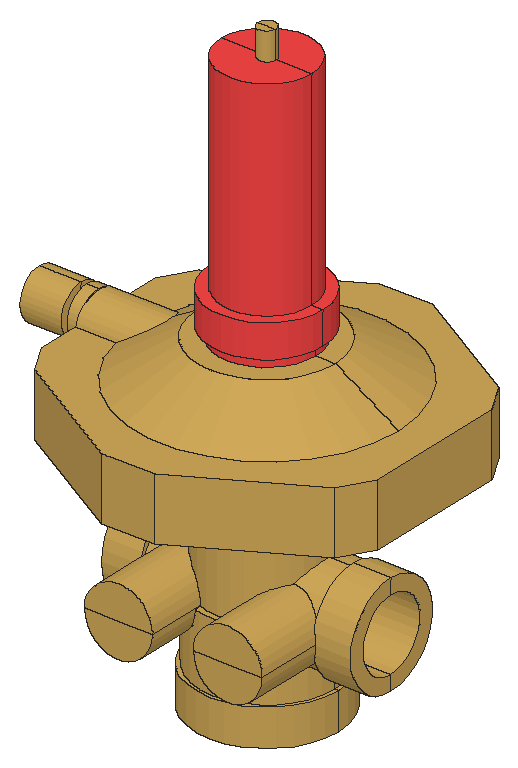
Revit family "Differenzdruckregler 4202 45-80kPa", category Rohrzubehör, Revit 2020
Family settings
  Bemaßung runder Anschluss = Durchmesser verwenden
  Teiletyp = Unterbricht
  OmniClass-Nummer = 23.65.55.14
  OmniClass-Titel = Valves for Liquid Services
  Arbeitsebenenbasiert = Nein
  Immer vertikal = Ja
  Beim Laden mit Abzugskörper schneiden = Nein
  Gemeinsam genutzt = Nein
Parameters (values of type "Ohne Dämmung")
  y2 [instance] = K14 + K9 + H01  # 49.149 mm
  y1 [instance] = (R03 * 2) + R05  # 66.000 mm
  Vorgabe-Ansicht = 0.000 mm
  PN = 25  # constant formula
  Min. Betriebstemperatur (Frostschutz) = -20 °C  # constant formula
  Max. zulässige Betriebstemperatur bis DN32 = 130 °C  # constant formula
  Max. zulässige Betriebstemperatur DN40 - DN50 = 110 °C  # constant formula
  Max. Differenzdruck am Gehäuse = 400000.0 Pa  # constant formula
  Max. Betriebsdruck = 25.0 Pa  # constant formula
  Ventilschaft = "Edelstahl 14301"  # constant formula
  URL = "www.herz-armaturen.at"
  SCRNSEQ = "ARM;ARM_TYP=\"DIFR\";2"
  SCRNCODE = "05;03;4"  # constant formula
  S06 [instance] = 1.000 mm  # constant formula
  S05 [instance] = S01 - 1.000 mm  # 16.250 mm
  S04 [instance] = S02 - 1.000 mm  # 18.000 mm
  S03 [instance] = size_lookup("4202 45-80kPa", "S03", 26.500 mm, Nennweite)  # 25.600 mm
  S02 [instance] = size_lookup("4202 45-80kPa", "S02", 19.000 mm, Nennweite)  # 19.000 mm
  S01 [instance] = size_lookup("4202 45-80kPa", "S01", 17.250 mm, Nennweite)  # 17.250 mm
  Regleranschlussmutter = "Messing CW614N"  # constant formula
  Regelbereich = "45 - 80kPa"  # constant formula
  R06 [instance] = size_lookup("4202 45-80kPa", "R06", 14.500 mm, Nennweite)  # 14.500 mm
  R05 [instance] = size_lookup("4202 45-80kPa", "R05", 46.000 mm, Nennweite)  # 46.000 mm
  R04 [instance] = size_lookup("4202 45-80kPa", "R04", 12.500 mm, Nennweite)  # 12.500 mm
  R03 [instance] = size_lookup("4202 45-80kPa", "R03", 10.000 mm, Nennweite)  # 10.000 mm
  R02 = 14.500 mm  # constant formula
  R01 [instance] = size_lookup("4202 45-80kPa", "R01", 12.500 mm, Nennweite)  # 12.500 mm
  Min. Betriebstemperatur (reines Wasser) = 2 °C  # constant formula
  O-Ringe = "EPDM"  # constant formula
  Nennweite [instance] = 15.000 mm
  Membrangehäuse = "Messing CW602N"  # constant formula
  Membrane = "EPDM"  # constant formula
  Medium = "Wasserbeschaffenheit nach ÖNORM H 5195 und VDI 2035\r\nDie Verwendung von Ethylen- und Propylenglykol ist im\r\nMischungsverhältnis 25 - 50 Vol.-% zulässig."
  L2 [instance] = size_lookup("4202 45-80kPa", "L2", 161.000 mm, Nennweite)  # 161.000 mm
  L [instance] = size_lookup("4202 45-80kPa", "L", 66.000 mm, Nennweite)  # 66.000 mm
  K9 = 4.000 mm  # constant formula
  K8 = 55.000 mm  # constant formula
  K7 = 8.700 mm  # constant formula
  K6 = 11.700 mm  # constant formula
  K5 = 13.000 mm  # constant formula
  K4 = 12.000 mm  # constant formula
  K3 = 15.000 mm  # constant formula
  K2 = 2.350 mm  # constant formula
  K18 = 89.000 mm  # constant formula
  K17 = 66.700 mm  # constant formula
  K16 = 3.000 mm  # constant formula
  K15 = 26.649 mm  # constant formula
  K14 = 16.649 mm  # constant formula
  K13 = 16.649 mm  # constant formula
  K12 = 10.000 mm  # constant formula
  K11 = 35.000 mm  # constant formula
  K10 = 18.250 mm  # constant formula
  K1.1 = 2.350 mm  # constant formula
  K1 = 7.651 mm  # constant formula
  J9 = 15.700 mm  # constant formula
  J8 = 7.850 mm  # constant formula
  J7 = 15.897 mm  # constant formula
  J6 = 3.900 mm  # constant formula
  J5 = 6.500 mm  # constant formula
  J4 = 1.500 mm  # constant formula
  J3 = 3.200 mm  # constant formula
  J2 = 11.000 mm  # constant formula
  J11 = 3.500 mm  # constant formula
  J10 = 18.897 mm  # constant formula
  J1 = 6.500 mm  # constant formula
  Hersteller = "HERZ-Armaturen Ges.m.b.H"  # constant formula
  H2 [instance] = size_lookup("4202 45-80kPa", "H2", 28.000 mm, Nennweite)  # 28.000 mm
  H1 [instance] = K1 + K2 + K3 + K4 + K5 + K7 + K8 + K16 + 16.650 mm  # 133.351 mm
  H04 = 4.000 mm  # constant formula
  H03 = 9.800 mm  # constant formula
  H02 [instance] = size_lookup("4202 45-80kPa", "H02", 53.000 mm, Nennweite)  # 53.000 mm
  H01 [instance] = size_lookup("4202 45-80kPa", "H01", 25.000 mm, Nennweite)  # 28.500 mm
  Gehäuse = "DZR Messing CC770S"  # constant formula
  G03 [instance] = size_lookup("4202 45-80kPa", "G03", 13.200 mm, Nennweite)  # 13.200 mm
  G02 [instance] = size_lookup("4202 45-80kPa", "G02", 9.500 mm, Nennweite)  # 9.500 mm
  G01 [instance] = size_lookup("4202 45-80kPa", "G01", 13.500 mm, Nennweite)  # 13.500 mm
  Einstellspindel = "Messing CW614N"  # constant formula
  Hinweise zum Material = "Gemäß Art 33 der REACH-Verordnung (EG Nr. 1907/2006) sind wir verpflichtet, darauf hinzuweisen,\r\ndass der Stoff Blei auf der SVHC-Liste geführt wird und dass alle aus Messing bestehenden Bauteile,\r\ndie in unseren Erzeugnissen verarbeitet sind, mehr als 0,1 % (w/w) Blei (CAS: 7439-92-1 / EINECS:\r\n231-100-4) enthalten. Da Blei als Legierungsbestandteil fest gebunden ist, sind keine Expositionen zu\r\nerwarten und daher sind keine zusätzlichen Angaben zur sicheren Verwendung notwendig.\r\n\r\nIm Hanf enthaltenes Ammoniak schädigt\r\nMessingventilgehäuse, EPDM Dichtungen werden durch\r\nMineralöle bzw. mineralölhaltige Schmierstoffe aufgequollen\r\nund führen somit zum Ausfall der EPDM-Dichtungen. Für\r\nFrost- und Korrosionsschutzmittel auf der Basis von Ethylen- und Propylenglykol sind die entsprechenden\r\nAngaben den Unterlagen des Herstellers zu entnehmen."
  Dämmung = no
  Dämmschale = "EPP (expandiertes Polypropylen)"  # constant formula
  Druckfeder = "Federstahl 14310 NS"  # constant formula
  DN50 [instance] = Nennweite = 50.000 mm  # no
  DN40 [instance] = Nennweite = 40.000 mm  # no
  DN32-40 [instance] = or(Nennweite = 32.000 mm, Nennweite = 40.000 mm)  # no
  DN32 [instance] = Nennweite = 32.000 mm  # no
  DN25,32,40 [instance] = or(Nennweite = 25.000 mm, Nennweite = 32.000 mm, Nennweite = 40.000 mm)  # no
  DN25 [instance] = Nennweite = 25.000 mm  # no
  DN20 [instance] = Nennweite = 20.000 mm  # no
  DN15-25 [instance] = or(Nennweite = 15.000 mm, Nennweite = 20.000 mm, Nennweite = 25.000 mm)  # yes
  DN15,20,50 [instance] = or(Nennweite = 15.000 mm, Nennweite = 20.000 mm, Nennweite = 50.000 mm)  # yes
  DN15 [instance] = Nennweite = 15.000 mm  # yes
  D07 [instance] = if(Nennweite = 15.000 mm, 32.500 mm, if(Nennweite = 20.000 mm, 33.500 mm, if(Nennweite = 25.000 mm, 33.500 mm, if(Nennweite = 32.000 mm, 49.500 mm, if(Nennweite = 40.000 mm, 59.500 mm, if(Nennweite = 50.000 mm, 59.500 mm, 0.000 mm))))))  # 32.500 mm
  D06 [instance] = if(Nennweite = 15.000 mm, 32.500 mm, if(Nennweite = 20.000 mm, 33.500 mm, if(Nennweite = 25.000 mm, 33.500 mm, if(Nennweite = 32.000 mm, 49.500 mm, if(Nennweite = 40.000 mm, 59.500 mm, if(Nennweite = 50.000 mm, 59.500 mm, 0.000 mm))))))  # 32.500 mm
  D05 [instance] = if(Nennweite = 15.000 mm, 36.750 mm, if(Nennweite = 20.000 mm, 40.700 mm, if(Nennweite = 25.000 mm, 49.200 mm, if(Nennweite = 32.000 mm, 54.150 mm, if(Nennweite = 40.000 mm, 60.750 mm, if(Nennweite = 50.000 mm, 72.700 mm, 0.000 mm))))))  # 36.750 mm
  D04 [instance] = if(Nennweite = 15.000 mm, 78.500 mm, if(Nennweite = 20.000 mm, 82.000 mm, if(Nennweite = 25.000 mm, 84.000 mm, if(Nennweite = 32.000 mm, 120.000 mm, if(Nennweite = 40.000 mm, 130.000 mm, if(Nennweite = 50.000 mm, 130.500 mm, 0.000 mm))))))  # 78.500 mm
  D03 [instance] = if(Nennweite = 15.000 mm, 96.000 mm, if(Nennweite = 20.000 mm, 110.000 mm, if(Nennweite = 25.000 mm, 112.000 mm, if(Nennweite = 32.000 mm, 152.000 mm, if(Nennweite = 40.000 mm, 170.000 mm, if(Nennweite = 50.000 mm, 179.000 mm, 0.000 mm))))))  # 96.000 mm
  D02 [instance] = size_lookup("4202 45-80kPa", "R05", 41.000 mm, Nennweite)  # 46.000 mm
  D01 [instance] = size_lookup("4202 45-80kPa", "G01", 13.220 mm, Nennweite)  # 13.500 mm
  Bestellnummer Dämmung [instance] = if(and(Dämmung, Nennweite = 15.000 mm), 1409611, if(and(Dämmung, Nennweite = 20.000 mm), 1409612, if(and(Dämmung, Nennweite = 25.000 mm), 1409613, if(and(Dämmung, Nennweite = 32.000 mm), 1409614, if(and(Dämmung, Nennweite = 40.000 mm), 1409615, if(and(Dämmung, Nennweite = 50.000 mm), 1409616, 0))))))  # 0
  Bestellnummer [instance] = if(Nennweite = 15.000 mm, 1420271, if(Nennweite = 20.000 mm, 1420272, if(Nennweite = 25.000 mm, 1420273, if(Nennweite = 32.000 mm, 1420274, if(Nennweite = 40.000 mm, 1420275, if(Nennweite = 50.000 mm, 1420276, 0))))))  # 1420271
  B2 [instance] = size_lookup("4202 45-80kPa", "B2", 31.000 mm, Nennweite)  # 31.000 mm
  B1 [instance] = size_lookup("4202 45-80kPa", "B1", 26.000 mm, Nennweite)  # 26.000 mm
  B04 = 100.649 mm  # constant formula
  B03 = 44.500 mm  # constant formula
  B02 = 104.688 mm  # constant formula
  B01 = 10.000 mm  # constant formula
  Anzeigehülse = "Kunststoff (Rot)"  # constant formula
  Anwendungsgebiet = "Der Differenzdruckregler ist ein Regler mit linearer Kennlinie in Geradsitzausführung und arbeitet ohne\r\nHilfsenergie. Der gewünschte Differenzdruck-Sollwert kann zwischen 5 und 30 kPa; 25 und 60 kPa bzw.\r\n45 und 80 kPa stufenlos eingestellt werden. Der eingestellte Wert ist mit Hilfe des Einstelldiagrammes\r\nablesbar. Werksseitig ist der Sollwert auf Minimum eingestellt. Der erforderliche Sollwert wird mit dem\r\nEinstellwerkzeug (1 4006 02) eingestellt. Im Lieferumfang enthalten ist die Impulsleitung (1000 mm),\r\ndiese ist im Vorlauf einzubinden."
  Anschlussnippel = "Messing CW602N"  # constant formula
Types (2, lengths in mm): name | Dämmung | Bestellnummer Dämmung
  Ohne Dämmung | no | 0
  Mit Dämmung | yes | 1409611
Reference planes
  plane 1 "Mitte (Vorne/hinten)": y = 0
  plane 2: z = 0
  plane 3 "Mitte (Links/rechts)": x = 0
Forms (mm)
  Revolve 1, solid, material "Messing, weicher Gelbton, geschweißt", detail levels fine
    sketch origin (0, 0, 0) x (1, 0, 0) y (0, 0, 1)
      loop
        line (-19.8, 0) -> (19.8, 0) -> (19.8, 9.5) -> (33, 9.5) -> (33, 13.5) -> (23, 13.5) -> (23, 12.5) -> (-23, 12.5) -> (-23, 13.5) -> (-33, 13.5) -> (-33, 9.5) -> (-19.8, 9.5) -> (-19.8, 0)
      axis (-33, 0) -> (33, 0)
    angle from 0 to 360
  Revolve 2, solid, material "Messing, weicher Gelbton, geschweißt", detail levels fine
    sketch origin (0, 0, 0) x (1, 0, 0) y (0, 0, 1)
      loop
        line (0, -28) -> (0, 0) -> (-18, 0) -> (-18, -18.2) -> (-19, -18.2) -> (-19, -28) -> (0, -28)
      axis (0, 0) -> (0, -28)
    angle from 0 to 360
  Extrusion 3, solid, material "Messing, weicher Gelbton, geschweißt", detail levels fine
    sketch origin (0, 0, 0) x (0, -1, 0) y (1, 0, 0)
      loop
        line (-46, -7.038) -> (-27.114, -39.75) -> (-18.886, -44.5) -> (18.886, -44.5) -> (27.114, -39.75) -> (46, -7.038) -> (46, 7.038) -> (27.114, 39.75) -> (18.886, 44.5) -> (-18.886, 44.5) -> (-27.114, 39.75) -> (-46, 7.038) -> (-46, -7.038)
    from 32.5 to 49.149
  Revolve 4, solid, material "Messing, weicher Gelbton, geschweißt", detail levels fine
    sketch origin (0, 0, -7.051) x (1, 0, 0) y (0, 0, 1)
      loop
        line (0, 56.2) -> (0, 66.2) -> (-18.25, 66.2) -> (-35, 56.2) -> (0, 56.2)
      axis (0, 66.2) -> (0, 56.2)
    angle from 0 to 360
  Revolve 5, solid, material "Messing, weicher Gelbton, geschweißt", visible <- "DN15-25", detail levels fine
    sketch origin (-11, 0, 0) x (1, 0, 0) y (0, 1, 0)
      loop
        line (-1.5, 26) -> (-9.2, 26) -> (-9.2, 0) -> (-1.5, 0) -> (-1.5, 26)
      axis (-1.5, 0) -> (-1.5, 26)
    angle from 0 to 360
  Revolve 6, solid, material "Messing, weicher Gelbton, geschweißt", visible <- "DN15,20,50", detail levels fine
    sketch origin (-0.988, 0, -6.853) x (-1, 0, 0) y (0, 0, 1)
      loop
        line (43.5, 55.25) -> (59.2, 55.25) -> (59.2, 61.75) -> (48.2, 61.75) -> (48.2, 59.15) -> (46.7, 59.15) -> (46.7, 61.75) -> (43.5, 61.75) -> (43.5, 55.25)
      axis (43.5, 55.25) -> (59.2, 55.25)
    angle from 0 to 360
  Extrusion 7, solid, material "Messing, weicher Gelbton, geschweißt", visible <- "DN15,20,50", detail levels fine
    sketch origin (0, 0, 0) x (0, 1, 0) y (0, 0, -1)
      loop
        line (7.85, -47.047) -> (7.85, -36) -> (-7.85, -36) -> (-7.85, -47.047)
        arc (-7.85, -47.047) -> (0, -54.897) -> (7.85, -47.047) r 7.85
    from 0 to 44.5
  Revolve 8, solid, material "Kunsstoff rot", detail levels fine
    sketch origin (0, 0, 0) x (1, 0, 0) y (0, 0, 1)
      loop
        line (-12, 125.849) -> (-12, 70.849) -> (-15, 70.849) -> (-15, 62.149) -> (-13, 62.149) -> (-13, 59.149) -> (0, 59.149) -> (0, 125.849) -> (-12, 125.849)
      axis (0, 125.849) -> (0, 59.149)
    angle from 0 to 360
  Revolve 9, solid, material "Messing, weicher Gelbton, geschweißt", visible <- "DN15-25", detail levels fine
    sketch origin (-2, 0, 0) x (1, 0, 0) y (0, 1, 0)
      loop
        line (-12.5, 0) -> (-21.5, 0) -> (-21.5, -31) -> (-12.5, -31) -> (-12.5, 0)
      axis (-12.5, 0) -> (-12.5, -31)
    angle from 0 to 360
  Revolve 10, solid, material "Messing, weicher Gelbton, geschweißt", visible <- "DN15-25", detail levels fine
    sketch origin (2, 0, 0) x (1, 0, 0) y (0, 1, 0)
      loop
        line (12.5, 0) -> (12.5, -31) -> (21.6, -31) -> (21.6, 0) -> (12.5, 0)
      axis (12.5, 0) -> (12.5, -31)
    angle from 0 to 360
  Extrusion 11, solid, material "Messing, weicher Gelbton, geschweißt", visible <- "DN32", detail levels fine
    sketch origin (-31.5, 0, 0) x (1, 0, 0) y (0, 1, 0)
      loop
        circle (63, 0) r 6.578
      loop
        circle (63, 0) r 3.28
    from -47 to 0
  Extrusion 12, solid, material "Messing, weicher Gelbton, geschweißt", visible <- "DN32", detail levels fine
    sketch origin (31.5, 0, 0) x (-1, 0, 0) y (0, -1, 0)
      loop
        circle (63, 0) r 6.578
      loop
        circle (63, 0) r 3.28
    from -47 to 0
  Revolve 13, solid, material "Messing, weicher Gelbton, geschweißt", detail levels fine
    sketch origin (0, 0, 0) x (1, 0, 0) y (0, 0, 1)
      loop
        line (-16.25, 0) -> (0, 0) -> (0, 32.5) -> (-12.25, 32.5) -> (-12.25, 28.5) -> (-17.25, 28.5) -> (-17.25, 18.7) -> (-16.25, 18.7) -> (-16.25, 0)
      axis (0, 32.5) -> (0, 0)
    angle from 0 to 360
  Extrusion 14, solid, material "Messing, weicher Gelbton, geschweißt", visible <- "DN40", detail levels fine
    sketch origin (29.382, 0, 0) x (-1, 0, 0) y (0, -1, 0)
      loop
        circle (63, 0) r 6.578
      loop
        circle (63, 0) r 3.28
    from -58 to 0
  Extrusion 15, solid, material "Messing, weicher Gelbton, geschweißt", visible <- "DN40", detail levels fine
    sketch origin (-29.455, 0, 0) x (1, 0, 0) y (0, 1, 0)
      loop
        circle (63, 0) r 6.578
      loop
        circle (63, 0) r 3.28
    from -58 to 0
  Extrusion 16, solid, material "Messing, weicher Gelbton, geschweißt", visible <- "DN50", detail levels fine
    sketch origin (28.422, 0, 0) x (-1, 0, 0) y (0, -1, 0)
      loop
        circle (63, 0) r 6.578
      loop
        circle (63, 0) r 3.28
    from -58 to 0
  Extrusion 17, solid, material "Messing, weicher Gelbton, geschweißt", visible <- "DN50", detail levels fine
    sketch origin (-28.422, 0, 0) x (1, 0, 0) y (0, 1, 0)
      loop
        circle (63, 0) r 6.578
      loop
        circle (63, 0) r 3.28
    from -58 to 0
  Revolve 18, solid, material "Messing, weicher Gelbton, geschweißt", detail levels fine
    sketch origin (0, 0, 0) x (1, 0, 0) y (0, 0, 1)
      loop
        line (-2.35, 125.349) -> (0, 125.349) -> (0, 133) -> (-2.35, 133) -> (-2.35, 125.349)
      axis (0, 133) -> (0, 125.349)
    angle from 0 to 360
  Revolve 19, solid, material "Messing, weicher Gelbton, geschweißt", visible <- "DN32-40", detail levels fine
    sketch origin (-11, 0, 0) x (1, 0, 0) y (0, 1, 0)
      loop
        line (-1.5, -26) -> (-1.5, 0) -> (-9.2, 0) -> (-9.2, -26) -> (-1.5, -26)
      axis (-1.5, 0) -> (-1.5, -26)
    angle from 0 to 360
  Revolve 20, solid, material "Messing, weicher Gelbton, geschweißt", visible <- "DN25,32,40", detail levels fine
    sketch origin (0.988, 0, 20.147) x (1, 0, 0) y (0, 0, 1)
      loop
        line (43.5, 28.25) -> (59.2, 28.25) -> (59.2, 34.75) -> (48.2, 34.75) -> (48.2, 32.15) -> (46.7, 32.15) -> (46.7, 34.75) -> (43.5, 34.75) -> (43.5, 28.25)
      axis (43.5, 28.25) -> (59.2, 28.25)
    angle from 0 to 360
  Extrusion 21, solid, material "Messing, weicher Gelbton, geschweißt", visible <- "DN25", detail levels fine
    sketch origin (0, 0, 0) x (0, 1, 0) y (0, 0, 1)
      loop
        arc (7.85, 48.047) -> (0, 55.897) -> (-7.85, 48.047) r 7.85
        line (-7.85, 48.047) -> (-7.85, 37) -> (7.85, 37) -> (7.85, 48.047)
    from 0 to 44.5
  Extrusion 22, solid, material "Messing, weicher Gelbton, geschweißt", visible <- "DN32", detail levels fine
    sketch origin (0, 0, 0) x (0, 1, 0) y (0, 0, 1)
      loop
        arc (7.85, 64.047) -> (0, 71.897) -> (-7.85, 64.047) r 7.85
        line (-7.85, 64.047) -> (-7.85, 53) -> (7.85, 53) -> (7.85, 64.047)
    from 0 to 44.5
  Extrusion 23, solid, material "Messing, weicher Gelbton, geschweißt", visible <- "DN40", detail levels fine
    sketch origin (0, 0, 0) x (0, 1, 0) y (0, 0, 1)
      loop
        arc (7.85, 74.047) -> (0, 81.897) -> (-7.85, 74.047) r 7.85
        line (-7.85, 74.047) -> (-7.85, 63) -> (7.85, 63) -> (7.85, 74.047)
    from 0 to 44.5
  Revolve 24, solid, material "Kunststoff-Anthrazit/Schwarz", visible <- "Dämmung"
    sketch origin (0, 0, 0) x (1, 0, 0) y (0, 0, 1)
      loop
        line (0, -46) -> (36.75, -46) -> (36.75, 32.5) -> (0, 32.5) -> (0, -46)
      axis (0, 32.5) -> (0, -46)
    angle from 0 to 360
  Revolve 25, solid, material "Kunststoff-Anthrazit/Schwarz", visible <- "Dämmung"
    sketch origin (0, 0, 0) x (1, 0, 0) y (0, 0, 1)
      loop
        line (48, 32.5) -> (-48, 32.5) -> (-48, 13.5) -> (-23, 13.5) -> (-23, 0) -> (0, 0) -> (23, 0) -> (23, 13.5) -> (48, 13.5) -> (48, 32.5)
      axis (-48, 0) -> (48, 0)
    angle from 0 to 360
Lines and regions (mm)
  model lines, detail levels coarse+medium
    curve 1: line (33, -13.5, 0) -> (33, 13.5, 0)
    curve 2: line (33, 13.5, 0) -> (-33, -13.5, 0)
    curve 3: line (-33, -13.5, 0) -> (-33, 13.5, 0)
    curve 4: line (-33, 13.5, 0) -> (33, -13.5, 0)
    curve 5: spline (-44.5, -40.824, 0) -> (-42.984, -38.67, 0) -> (-38.538, -36.662, 0) -> (-31.466, -34.938, 0) -> (-22.25, -33.615, 0) -> (-11.517, -32.784, 0) -> (0, -32.5, 0) -> (11.517, -32.784, 0) -> (22.25, -33.615, 0) -> (31.466, -34.938, 0) -> (38.538, -36.662, 0) -> (42.984, -38.67, 0) -> (44.5, -40.825, 0) -> (42.984, -42.979, 0) -> (38.538, -44.987, 0) -> (31.466, -46.711, 0) -> (22.25, -48.034, 0) -> (11.517, -48.865, 0) -> (0, -49.149, 0) -> (-11.517, -48.865, 0) -> (-22.25, -48.034, 0) -> (-31.466, -46.711, 0) -> (-38.538, -44.987, 0) -> (-42.984, -42.979, 0) -> (-44.5, -40.824, 0)
    curve 6: line (-33, 0, 13.5) -> (-33, 0, -13.5)
    curve 7: line (-33, 0, -13.5) -> (33, 0, 13.5)
    curve 8: line (33, 0, 13.5) -> (33, 0, -13.5)
    curve 9: line (33, 0, -13.5) -> (-33, 0, 13.5)
    curve 10: line (0, 0, 13.5) -> (0, 0, 32.5)
    curve 11: spline (-44.5, 0, 40.825) -> (-42.984, 0, 42.979) -> (-38.538, 0, 44.987) -> (-31.466, 0, 46.711) -> (-22.25, 0, 48.034) -> (-11.517, 0, 48.865) -> (0, 0, 49.149) -> (11.517, 0, 48.865) -> (22.25, 0, 48.034) -> (31.466, 0, 46.711) -> (38.538, 0, 44.987) -> (42.984, 0, 42.979) -> (44.5, 0, 40.824) -> (42.984, 0, 38.67) -> (38.538, 0, 36.662) -> (31.466, 0, 34.938) -> (22.25, 0, 33.615) -> (11.517, 0, 32.784) -> (0, 0, 32.5) -> (-11.517, 0, 32.784) -> (-22.25, 0, 33.615) -> (-31.466, 0, 34.938) -> (-38.538, 0, 36.662) -> (-42.984, 0, 38.67) -> (-44.5, 0, 40.825)
    curve 12: line (0, 0, 13.5) -> (16.5, 0, 6.75)
    curve 13: line (0, 0, 13.5) -> (-16.5, 0, 6.75)
    curve 14: line (33, 0, 0) -> (63, 0, 0)
    curve 15: line (-33, 0, 0) -> (-63, 0, 0)
    curve 16: line (0, -19, 0) -> (-16.5, -6.75, 0)
    curve 17: line (0, -19, 0) -> (16.5, -6.75, 0)
  model lines
    curve 18: line (0, -19, 0) -> (0, -32.5, 0)
Dimensions and locks
  "G01": Revolve 1 sketch curve to Revolve 1 sketch curve  (x2)
  "R01": Revolve 1 sketch curve to Revolve 1 sketch curve
  "R03": Revolve 1 sketch curve to Revolve 1 sketch curve  (x2)
  "K10": Revolve 4 sketch curve to Revolve 4 sketch curve
  "K11": Revolve 4 sketch curve to Revolve 4 sketch curve
  "B1": Revolve 5 sketch curve to Revolve 5 sketch curve
  "J1": Revolve 6 sketch curve to Revolve 6 sketch curve
  "J3": Revolve 6 sketch curve to Revolve 6 sketch curve
  "J4": Revolve 6 sketch curve to Revolve 6 sketch curve
  "J2": Revolve 6 sketch curve to Revolve 6 sketch curve
  "J5": Revolve 6 sketch curve to Revolve 6 sketch curve
  "J6": Revolve 6 sketch curve to Revolve 6 sketch curve
  "H2": plane 2 to Revolve 2 sketch curve
  "H03": Revolve 2 sketch curve to Revolve 2 sketch curve
  "S02": plane 3 "Mitte (Links/rechts)" to Revolve 2 sketch curve
  "B02": Revolve 6 to Extrusion 3
  "B03": Extrusion 3 to plane 3 "Mitte (Links/rechts)"
  "R04": Revolve 5 sketch curve to plane 3 "Mitte (Links/rechts)"
  "K4": Revolve 8 sketch curve to Revolve 8 sketch curve
  "K3": Revolve 8 sketch curve to Revolve 8 sketch curve
  "K7": Revolve 8 sketch curve to Revolve 8 sketch curve
  "K5": Revolve 8 sketch curve to Revolve 8 sketch curve
  "K8": Revolve 8 sketch curve to Revolve 8 sketch curve
  "K12": Revolve 4 sketch curve to Revolve 4 sketch curve
  "K13": Revolve 4 sketch curve to Extrusion 3
  "K14": Extrusion 3 to Extrusion 3
  "K16": Revolve 8 sketch curve to Revolve 8 sketch curve
  "K15": Revolve 8 to Extrusion 3
  "R05": Revolve 1 sketch curve to Revolve 1 sketch curve
  equal spacing: Revolve 1 sketch curve, plane 3 "Mitte (Links/rechts)", Revolve 1 sketch curve
  "B2": plane 1 "Mitte (Vorne/hinten)" to Revolve 9 sketch curve
  "B2": Revolve 10 sketch curve to plane 1 "Mitte (Vorne/hinten)"
  "R06": Revolve 9 sketch curve to plane 3 "Mitte (Links/rechts)"
  "R06": plane 3 "Mitte (Links/rechts)" to Revolve 10 sketch curve
  "S01": Revolve 13 sketch curve to plane 3 "Mitte (Links/rechts)"
  "S05": plane 3 "Mitte (Links/rechts)" to Revolve 13 sketch curve
  "H04": Revolve 13 sketch curve to Revolve 13 sketch curve
  "H03": Revolve 13 sketch curve to Revolve 13 sketch curve
  "H01": Revolve 13 sketch curve to plane 2
  "K9": Extrusion 3 to Revolve 13
  "S06": Revolve 2 sketch curve to Revolve 2 sketch curve
  "J7": Revolve 6 sketch curve to Extrusion 3
  "J9": Extrusion 7 sketch curve to Extrusion 7 sketch curve
  "J10": Revolve 6 to Extrusion 7 sketch curve
  "J11": Extrusion 7 sketch curve to Extrusion 3
  equal spacing: curve 6, curve 5, curve 8
  "K18": Extrusion 3 to Extrusion 3
  "G01": curve 9 to plane 2
  "G01": plane 2 to curve 7
  "G01": curve 8 to plane 2
  "G01": plane 2 to curve 9
  "K18": curve 11 to curve 11
  "G01": curve 13 to plane 2
  "K14": curve 11 to curve 11
  "y2": curve 11 to plane 2
  "G01": plane 1 "Mitte (Vorne/hinten)" to curve 4
  "G01": curve 3 to plane 1 "Mitte (Vorne/hinten)"
  equal spacing: curve 3, curve 11, curve 1
  equal spacing: curve 3, curve 17, curve 1
  "y1": curve 3 to curve 1
  "G01": plane 1 "Mitte (Vorne/hinten)" to curve 2
  "G01": curve 4 to plane 1 "Mitte (Vorne/hinten)"
  "K18": curve 5 to curve 5
  "K14": curve 5 to curve 5
  "y2": curve 5 to plane 1 "Mitte (Vorne/hinten)"
  "K1.1": plane 3 "Mitte (Links/rechts)" to Revolve 18 sketch curve
  "B1": Revolve 19 sketch curve to Revolve 19 sketch curve
  "R04": Revolve 19 sketch curve to plane 3 "Mitte (Links/rechts)"
  "G02": Revolve 1 sketch curve to plane 2  (x2)
  "G03": Revolve 1 sketch curve to Revolve 1 sketch curve  (x2)
  Revolve 1 sketch curve to Revolve 1 sketch curve = 66.000 mm
  Revolve 1 to Revolve 1 = 66.000 mm
  "L2": Revolve 18 to Revolve 2
  "J1": Revolve 20 sketch curve to Revolve 20 sketch curve
  "J3": Revolve 20 sketch curve to Revolve 20 sketch curve
  "J4": Revolve 20 sketch curve to Revolve 20 sketch curve
  "J2": Revolve 20 sketch curve to Revolve 20 sketch curve
  "J5": Revolve 20 sketch curve to Revolve 20 sketch curve
  "J6": Revolve 20 sketch curve to Revolve 20 sketch curve
  "J7": Revolve 20 sketch curve to Extrusion 3
  "J9": Extrusion 21 sketch curve to Extrusion 21 sketch curve
  "J9": Extrusion 22 sketch curve to Extrusion 22 sketch curve
  "J9": Extrusion 23 sketch curve to Extrusion 23 sketch curve
  "L": curve 6 to curve 8
  equal spacing: Revolve 1, curve 13, plane 3 "Mitte (Links/rechts)"
  equal spacing: plane 3 "Mitte (Links/rechts)", curve 12, Revolve 1
  equal spacing: curve 3, curve 16, plane 3 "Mitte (Links/rechts)"
  equal spacing: plane 3 "Mitte (Links/rechts)", curve 17, curve 1
  "D06": Revolve 24 sketch curve to plane 2
  "D05": Revolve 24 sketch curve to Revolve 24 sketch curve
  "D04": Revolve 24 sketch curve to Revolve 24 sketch curve
  "D07": Revolve 25 sketch curve to plane 2
  "D01": Revolve 25 sketch curve to plane 2  (x2)
  "D03": Revolve 25 sketch curve to Revolve 25 sketch curve
  "D02": Revolve 25 sketch curve to Revolve 25 sketch curve
  equal spacing: Revolve 25 sketch curve, plane 3 "Mitte (Links/rechts)", Revolve 25 sketch curve  (x2)
  "J8": radius of Extrusion 7 sketch curve
  "J8": radius of Extrusion 21 sketch curve
  "J8": radius of Extrusion 22 sketch curve
  "J8": radius of Extrusion 23 sketch curve
  aligned and locked: level to plane 2
Automatic sketch dimensions
  plane 3 "Mitte (Links/rechts)" to Extrusion 3 sketch curve = 7.038 mm  (x2)
  Extrusion 3 sketch curve to plane 1 "Mitte (Vorne/hinten)" = 46.000 mm
  Extrusion 3 sketch curve to plane 1 "Mitte (Vorne/hinten)" = 27.114 mm  (x2)
  Extrusion 3 sketch curve to Extrusion 3 sketch curve = 8.227 mm  (x4)
  plane 1 "Mitte (Vorne/hinten)" to Extrusion 3 sketch curve = 18.886 mm  (x2)
  Extrusion 3 sketch curve to Extrusion 3 sketch curve = 18.886 mm
  Extrusion 3 sketch curve to plane 3 "Mitte (Links/rechts)" = 7.038 mm  (x2)
  Extrusion 3 sketch curve to Extrusion 3 sketch curve = 32.712 mm  (x4)
  Extrusion 3 sketch curve to Extrusion 3 sketch curve = 4.750 mm  (x2)
  Extrusion 11 sketch curve to Extrusion 11 sketch curve = 0.000 mm  (x2)
  plane 1 "Mitte (Vorne/hinten)" to Extrusion 11 sketch curve = 0.000 mm
  plane 3 "Mitte (Links/rechts)" to Extrusion 11 sketch curve = 31.500 mm
  Extrusion 12 sketch curve to Extrusion 12 sketch curve = 0.000 mm  (x2)
  plane 1 "Mitte (Vorne/hinten)" to Extrusion 12 sketch curve = 0.000 mm
  plane 3 "Mitte (Links/rechts)" to Extrusion 12 sketch curve = 31.500 mm
  Extrusion 14 sketch curve to Extrusion 14 sketch curve = 0.000 mm  (x2)
  plane 1 "Mitte (Vorne/hinten)" to Extrusion 14 sketch curve = 0.000 mm
  plane 3 "Mitte (Links/rechts)" to Extrusion 14 sketch curve = 33.618 mm
  Extrusion 15 sketch curve to Extrusion 15 sketch curve = 0.000 mm  (x2)
  plane 1 "Mitte (Vorne/hinten)" to Extrusion 15 sketch curve = 0.000 mm
  plane 3 "Mitte (Links/rechts)" to Extrusion 15 sketch curve = 33.545 mm
  Extrusion 16 sketch curve to Extrusion 16 sketch curve = 0.000 mm  (x2)
  plane 1 "Mitte (Vorne/hinten)" to Extrusion 16 sketch curve = 0.000 mm
  plane 3 "Mitte (Links/rechts)" to Extrusion 16 sketch curve = 34.578 mm
  Extrusion 17 sketch curve to Extrusion 17 sketch curve = 0.000 mm  (x2)
  plane 1 "Mitte (Vorne/hinten)" to Extrusion 17 sketch curve = 0.000 mm
  plane 3 "Mitte (Links/rechts)" to Extrusion 17 sketch curve = 34.578 mm
  curve 15 to level = 0.000 mm
  curve 10 to plane 3 "Mitte (Links/rechts)" = 0.000 mm
  curve 11 to plane 3 "Mitte (Links/rechts)" = 0.000 mm
  curve 14 to level = 0.000 mm
  curve 15 to curve 15 = 30.000 mm
  curve 14 to curve 14 = 30.000 mm
  curve 18 to plane 3 "Mitte (Links/rechts)" = 0.000 mm
  curve 5 to plane 3 "Mitte (Links/rechts)" = 0.000 mm
  curve 18 to curve 17 = 13.500 mm
  Revolve 1 sketch curve to level = 0.000 mm  (x2)
  Revolve 1 sketch curve to Revolve 1 sketch curve = 1473.530 mm
  Revolve 1 sketch curve to Revolve 1 sketch curve = 1806.148 mm
  Revolve 2 sketch curve to level = 0.000 mm
  Revolve 2 sketch curve to plane 3 "Mitte (Links/rechts)" = 0.000 mm  (x2)
  Revolve 2 sketch curve to Revolve 2 sketch curve = 1.000 mm
  Revolve 2 sketch curve to Revolve 2 sketch curve = 334.045 mm
  level to Revolve 2 sketch curve = 2218.015 mm
  Revolve 4 sketch curve to plane 3 "Mitte (Links/rechts)" = 0.000 mm  (x2)
  Revolve 4 sketch curve to level = 373.096 mm
  Revolve 4 sketch curve to Revolve 4 sketch curve = 2155.315 mm
  plane 1 "Mitte (Vorne/hinten)" to Revolve 5 sketch curve = 0.000 mm  (x2)
  Revolve 5 sketch curve to Revolve 5 sketch curve = 0.000 mm  (x2)
  Revolve 5 sketch curve to Revolve 5 sketch curve = 7.700 mm
  plane 3 "Mitte (Links/rechts)" to Revolve 6 sketch curve = 44.488 mm
  Revolve 6 sketch curve to Revolve 6 sketch curve = 0.000 mm  (x3)
  Extrusion 7 sketch curve to plane 1 "Mitte (Vorne/hinten)" = 0.000 mm
  Extrusion 7 sketch curve to Extrusion 7 sketch curve = 11.047 mm
  Extrusion 7 sketch curve to Extrusion 7 sketch curve = 0.000 mm
  Revolve 8 sketch curve to plane 3 "Mitte (Links/rechts)" = 0.000 mm  (x2)
  level to Revolve 8 sketch curve = 59.149 mm
  Revolve 8 sketch curve to Revolve 8 sketch curve = 0.000 mm  (x2)
  plane 1 "Mitte (Vorne/hinten)" to Revolve 9 sketch curve = 0.000 mm  (x2)
  Revolve 9 sketch curve to Revolve 9 sketch curve = 9.000 mm
  Revolve 9 sketch curve to Revolve 9 sketch curve = 0.000 mm  (x2)
  plane 1 "Mitte (Vorne/hinten)" to Revolve 10 sketch curve = 0.000 mm  (x2)
  Revolve 10 sketch curve to Revolve 10 sketch curve = 9.100 mm
  Revolve 10 sketch curve to Revolve 10 sketch curve = 0.000 mm  (x2)
  Revolve 13 sketch curve to level = 0.000 mm  (x2)
  Revolve 13 sketch curve to plane 3 "Mitte (Links/rechts)" = 0.000 mm  (x2)
  Revolve 13 sketch curve to Revolve 13 sketch curve = 5.000 mm
  Revolve 13 sketch curve to Revolve 13 sketch curve = 0.000 mm
  Revolve 18 sketch curve to plane 3 "Mitte (Links/rechts)" = 0.000 mm  (x2)
  level to Revolve 18 sketch curve = 125.349 mm
  Revolve 18 sketch curve to Revolve 18 sketch curve = 7.651 mm
  Revolve 18 sketch curve to Revolve 18 sketch curve = 0.000 mm  (x2)
  plane 1 "Mitte (Vorne/hinten)" to Revolve 19 sketch curve = 0.000 mm  (x2)
  Revolve 19 sketch curve to Revolve 19 sketch curve = 7.700 mm
  Revolve 19 sketch curve to Revolve 19 sketch curve = 0.000 mm  (x2)
  plane 3 "Mitte (Links/rechts)" to Revolve 20 sketch curve = 44.488 mm
  Revolve 20 sketch curve to Revolve 20 sketch curve = 0.000 mm  (x3)
  Extrusion 21 sketch curve to plane 1 "Mitte (Vorne/hinten)" = 0.000 mm
  level to Extrusion 21 sketch curve = 37.000 mm
  Extrusion 21 sketch curve to Extrusion 21 sketch curve = 11.047 mm
  Extrusion 21 sketch curve to Extrusion 21 sketch curve = 0.000 mm
  Extrusion 22 sketch curve to plane 1 "Mitte (Vorne/hinten)" = 0.000 mm
  level to Extrusion 22 sketch curve = 53.000 mm
  Extrusion 22 sketch curve to Extrusion 22 sketch curve = 11.047 mm
  Extrusion 22 sketch curve to Extrusion 22 sketch curve = 0.000 mm
  Extrusion 23 sketch curve to plane 1 "Mitte (Vorne/hinten)" = 0.000 mm
  level to Extrusion 23 sketch curve = 63.000 mm
  Extrusion 23 sketch curve to Extrusion 23 sketch curve = 11.047 mm
  Extrusion 23 sketch curve to Extrusion 23 sketch curve = 0.000 mm
  Revolve 24 sketch curve to plane 3 "Mitte (Links/rechts)" = 0.000 mm  (x2)
  Revolve 24 sketch curve to Revolve 24 sketch curve = 15.454 mm
  Revolve 24 sketch curve to Revolve 24 sketch curve = 0.000 mm
  Revolve 25 sketch curve to level = 0.000 mm  (x2)
  Revolve 25 sketch curve to plane 3 "Mitte (Links/rechts)" = 0.000 mm
  Revolve 25 sketch curve to Revolve 25 sketch curve = 0.000 mm  (x2)
  radius of Extrusion 11 sketch curve = 6.578 mm
  radius of Extrusion 11 sketch curve = 3.280 mm
  radius of Extrusion 12 sketch curve = 6.578 mm
  radius of Extrusion 12 sketch curve = 3.280 mm
  radius of Extrusion 14 sketch curve = 6.578 mm
  radius of Extrusion 14 sketch curve = 3.280 mm
  radius of Extrusion 15 sketch curve = 6.578 mm
  radius of Extrusion 15 sketch curve = 3.280 mm
  radius of Extrusion 16 sketch curve = 6.578 mm
  radius of Extrusion 16 sketch curve = 3.280 mm
  radius of Extrusion 17 sketch curve = 6.578 mm
  radius of Extrusion 17 sketch curve = 3.280 mm
Nested families
  nested 1: "Herz-Logo-vorne" at (-0.018, 17.815, -12.904) x (0, -1, 0) z (0, 0, 1), type "Herz-Logo-vorne", detail levels fine
  nested 2: "Herz-Logo-vorne" at (-0.018, 24.058, 0) x (0, -1, 0) z (0, 0, 1), visible <- "DN32", type "Herz-Logo-vorne", detail levels fine
  nested 3: "Herz-Logo-vorne" at (-0.018, 33.471, 0) x (0, -1, 0) z (0, 0, 1), visible <- "DN50", type "Herz-Logo-vorne", detail levels fine
  nested 4: "Herz-Logo-vorne" at (-0.018, 26.482, 0) x (0, -1, 0) z (0, 0, 1), visible <- "DN40", type "Herz-Logo-vorne", detail levels fine
Connectors
  piping at (33, 0, 0), diameter 15, driven by "Nennweite"
    settings: on Revolve 1, index 1, connector inside diameter 609.6 mm, connector length 0.000 mm, flow factor 0, pipe flow 0.0 L/s, pressure drop 0.0 Pa, fitting loss kfactor 0, connector angle 0.00°, fixture units 0, engagement length 0.000 mm, angle of deflection 0.00°, flow configuration 0, flow direction 2, fitting loss method 0, system type 29, joint type 0, gender type 0, connector reference index -1, connector utility 0, adjustable connector no, is connector primary yes, connector description ""
  piping at (-33, 0, 0), diameter 15, driven by "Nennweite"
    settings: on Revolve 1, index 2, connector inside diameter 609.6 mm, connector length 0.000 mm, flow factor 0, pipe flow 0.0 L/s, pressure drop 0.0 Pa, fitting loss kfactor 0, connector angle 0.00°, fixture units 0, engagement length 0.000 mm, angle of deflection 0.00°, flow configuration 0, flow direction 1, fitting loss method 0, system type 7, joint type 0, gender type 0, connector reference index -1, connector utility 0, adjustable connector no, is connector primary no, connector description ""
Definition of nested family "Herz-Logo-vorne"
  Parameters (values of type "Herz-Logo-vorne")
    Default Elevation = 0.000 mm
  Reference planes
    plane 1 "Mitte (Vorne/hinten)": y = 0
    plane 2: z = 0
    plane 3 "Mitte (Links/rechts)": x = 0
  Forms (mm)
    Extrusion 1, solid
      sketch origin (0.732, -0.018, 0.017) x (0, -1, 0) y (0, 0, 1)
        loop
          line (-0.018, -4.517) -> (4.482, -4.517) -> (4.482, 4.483) -> (-4.518, 4.483) -> (-4.518, -4.517) -> (-0.018, -4.517)
        loop
          line (-0.05, -3.48) -> (3.482, -3.48) -> (3.482, 3.483) -> (-3.518, 3.483) -> (-3.518, -3.48) -> (-0.05, -3.48)
        loop
          arc (-0.018, 2.383) -> (-1.543, 3.287) -> (-3.067, 2.383) r 1.738
          arc (-3.067, 2.383) -> (-3.191, 1.899) -> (-3.067, 1.415) r 1.009
          line (-3.067, 1.415) -> (-0.018, -3.281) -> (3.032, 1.415)
          arc (3.032, 1.415) -> (3.156, 1.899) -> (3.032, 2.383) r 1.009
          arc (3.032, 2.383) -> (1.507, 3.287) -> (-0.018, 2.383) r 1.738
        loop
          arc (1.885, 1.272) -> (2.005, 1.675) -> (1.885, 2.079) r 0.74
          arc (1.885, 2.079) -> (1.265, 2.416) -> (0.644, 2.079) r 0.74
          line (0.644, 2.079) -> (-0.018, 0.97) -> (-0.679, 2.079)
          arc (-0.679, 2.079) -> (-1.3, 2.416) -> (-1.921, 2.079) r 0.74
          arc (-1.921, 2.079) -> (-2.04, 1.675) -> (-1.921, 1.272) r 0.74
          line (-1.921, 1.272) -> (-0.018, -1.658) -> (1.885, 1.272)
      from 0 to 1.5
  Dimensions and locks
    aligned and locked: level to plane 2
